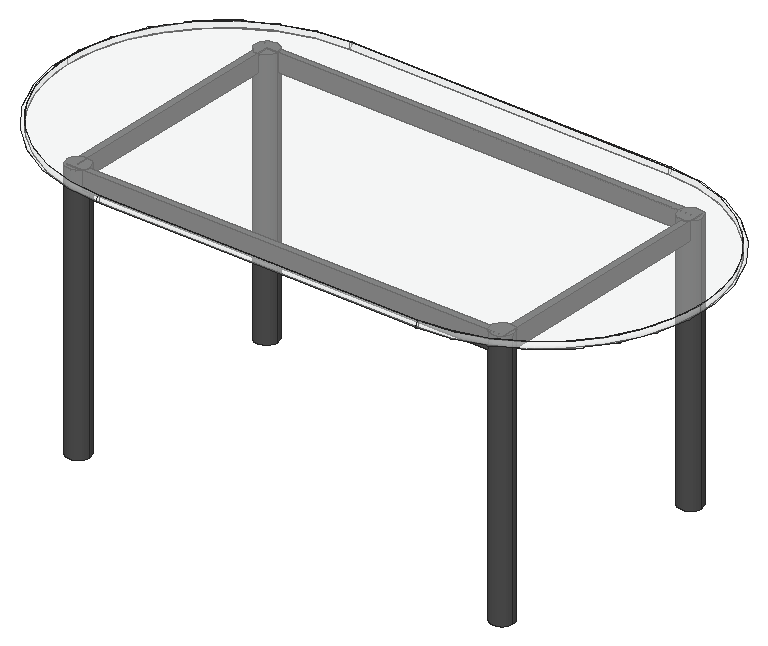
Revit family "d7bca6452fa148aeb28300a5042e659f", category Furniture, Revit 2021
Family settings
  OmniClass Number = 23.40.20.14.17.11
  OmniClass Title = Dining Room Tables
  Seek Item ID = Table-Dining Oval-0000-USA-ENU
  Work Plane-Based = No
  Always vertical = Yes
  Cut with Voids When Loaded = No
  Shared = Yes
  Room Calculation Point = No
Parameters (values of type "36" x 72"")
  Default Elevation = 0' - 0"
  Assembly Code = "E2020200"
  Description = ""
  Length = 6' - 0"
  Base Material = Steel, Chrome Plated
  Top Material = Glass - Clear, Grey
  Width = 3' - 0"
Types (5): name | Length | Base Material | Top Material
  (no name) | 6' - 0" | Steel, Chrome Plated | Glass - Clear, Grey
  36" x 72" | 6' - 0" | Steel, Chrome Plated | Glass - Clear, Grey
  36" x 96" Glass Top | 8' - 0" | Steel, Chrome Plated | Glass - Clear, Grey
  36" x 48" | 4' - 0" | Steel, Chrome Plated | Glass - Clear, Grey
  36" x 96" Laminate Top | 8' - 0" | Metal - Bronze, Light Brush | Laminate, Ivory, Matte
Reference planes (in)
  plane 1 "Center (Front/Back)": y = -14.09836
  plane 2: z = 0
  plane 3 "Center (Left/Right)": x = -15.81967
  plane 4: y = 3.52664
  plane 5: y = -31.72336
  plane 6: x = -51.44467
  plane 7: x = 19.80533
  plane 8: z = 30
  plane 9: x = 20.18033
  plane 10: x = -51.81967
  plane 11: y = -32.09836
  plane 12: y = 3.90164
Forms (in)
  Extrusion 1, solid, material "Glass - Clear, Grey" <- "Top Material"
    sketch origin (0, 0, 0) x (1, 0, 0) y (0, 1, 0)
      loop
        arc (-51.44467, -14.09836) -> (-46.28243, -26.56112) -> (-33.81967, -31.72336) r 17.625
        line (-33.81967, -31.72336) -> (2.18033, -31.72336)
        arc (2.18033, -31.72336) -> (14.64308, -26.56112) -> (19.80533, -14.09836) r 17.625
        arc (19.80533, -14.09836) -> (14.64308, -1.6356) -> (2.18033, 3.52664) r 17.625
        line (2.18033, 3.52664) -> (-33.81967, 3.52664)
        arc (-33.81967, 3.52664) -> (-46.28243, -1.6356) -> (-51.44467, -14.09836) r 17.625
    from 29.25 to 30
  Extrusion 2, solid, material "Steel, Chrome Plated" <- "Base Material"
    sketch origin (0, 0, 0) x (1, 0, 0) y (0, 1, 0)
      loop
        line (-40.44467, -0.09836) -> (-40.44467, -28.09836) -> (8.80533, -28.09836) -> (8.80533, -0.09836) -> (-40.44467, -0.09836)
      loop
        line (-39.69467, -0.84836) -> (-39.69467, -27.34836) -> (8.05533, -27.34836) -> (8.05533, -0.84836) -> (-39.69467, -0.84836)
    from 29.25 to 27.25
  Extrusion 3, solid, material "Steel, Chrome Plated" <- "Base Material"
    sketch origin (0, 0, 29.25) x (1, 0, 0) y (0, 1, 0)
      loop
        circle (-39.69467, -0.84836) r 1.25
      loop
        circle (-39.69467, -27.34836) r 1.25
      loop
        circle (8.05533, -0.84836) r 1.25
      loop
        circle (8.05533, -27.34836) r 1.25
    from 0 to -29.25
  Sweep 4, solid, material "Glass - Clear, Grey"
    path origin (0, 0, 0) x (1, 0, 0) y (0, 1, 0)
      loop
        arc (-33.81967, 3.52664) -> (-51.44467, -14.09836) -> (-33.81967, -31.72336) r 17.625
        line (-33.81967, -31.72336) -> (2.18033, -31.72336)
        arc (2.18033, -31.72336) -> (19.80533, -14.09836) -> (2.18033, 3.52664) r 17.625
        line (2.18033, 3.52664) -> (-33.81967, 3.52664)
    profile origin (0, -14.09836, 0) x (1, 0, 0) y (0, 0, 1)
      loop
        arc (-51.44467, 30) -> (-51.81967, 29.625) -> (-51.44467, 29.25) r 0.375
        line (-51.44467, 29.25) -> (-51.44467, 30)
Lines and regions (in)
  Masking region 1
    outline origin (0, 0, 0) x (1, 0, 0) y (0, 1, 0)
      loop
        arc (-33.81967, 3.90164) -> (-51.81967, -14.09836) -> (-33.81967, -32.09836) r 18
        line (-33.81967, -32.09836) -> (2.18033, -32.09836)
        arc (2.18033, -32.09836) -> (20.18033, -14.09836) -> (2.18033, 3.90164) r 18
        line (2.18033, 3.90164) -> (-33.81967, 3.90164)
Dimensions and locks (in)
  equal spacing: plane 11, plane 1 "Center (Front/Back)", plane 12
  "Width": plane 11 to plane 12
  equal spacing: plane 10, plane 3 "Center (Left/Right)", plane 9
  "Length": plane 10 to plane 9
  locked: plane 4 to plane 12 at 0.375
  plane 11 to plane 5 = 0' - 0 3/8"
  locked: plane 7 to plane 9 at 0.375
  locked: plane 10 to plane 6 at 0.375
  plane 8 to plane 2 = 2' - 6"
  locked: Extrusion 2 to Extrusion 2 at 2
  locked: Extrusion 2 sketch curve to plane 12 at 4
  locked: plane 11 to Extrusion 2 sketch curve at 4
  locked: Extrusion 2 to Extrusion 3 sketch curve at 0.75  (x4)
  locked: Extrusion 2 sketch curve to Extrusion 2 sketch curve at 0.75  (x2)
  aligned and locked: Sweep 4 sketch curve to Extrusion 1  (x4)
  aligned and locked: Extrusion 3 sketch curve to Extrusion 2  (x2)
  aligned and locked: Extrusion 2 to Extrusion 3 sketch curve  (x2)
  aligned and locked: plane 11 to Masking region 1 sketch curve
Automatic sketch dimensions
  Extrusion 1 sketch curve to plane 1 "Center (Front/Back)" = 0' - 0"  (x2)
  Extrusion 1 sketch curve to plane 6 = 0' - 0"
  Extrusion 1 sketch curve to plane 4 = 0' - 0"
  Extrusion 1 sketch curve to plane 5 = 0' - 0"
  Extrusion 1 sketch curve to plane 7 = 0' - 0"
  Extrusion 2 sketch curve to Extrusion 2 sketch curve = 0' - 0 3/4"  (x2)
  Sweep 4 sketch curve to profile plane = 0' - 0"
  level to Sweep 4 sketch curve = 2' - 5 1/4"
  Sweep 4 sketch curve to Sweep 4 sketch curve = 0' - 0 3/8"
  Extrusion 3 sketch curve to Extrusion 3 sketch curve = 0' - 1 1/4"  (x4)
  Extrusion 2 sketch curve to plane 6 = 0' - 11 3/4"
  plane 7 to Extrusion 2 sketch curve = 0' - 11 3/4"
  Masking region 1 sketch curve to plane 6 = 1' - 5 5/8"
  plane 7 to Masking region 1 sketch curve = 1' - 5 5/8"
  Masking region 1 sketch curve to plane 1 "Center (Front/Back)" = 0' - 0"
